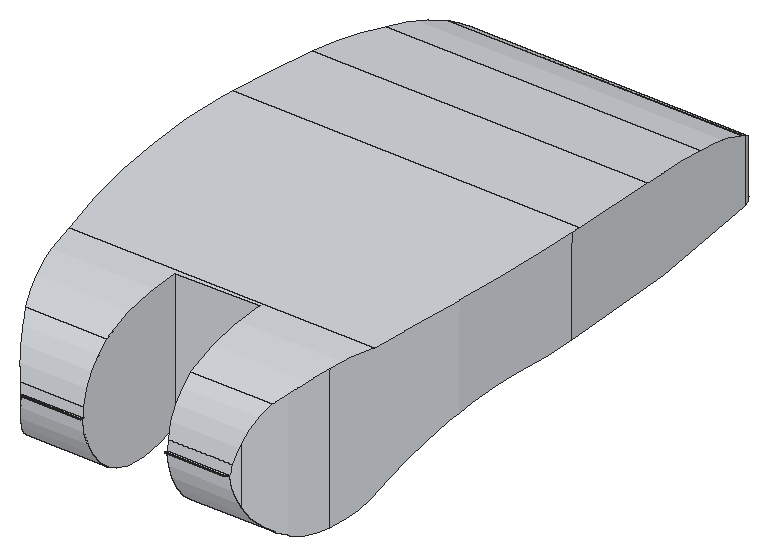
Revit family "Lighting-Stradale-GEWISS-STREET[O3]-ARMATURE-LED_OTTICA_ST1", category Apparecchi per illuminazione, Revit 2019
Family settings
  Quota connettore circolare = Usa diametro
  Tipo di parte = Normale
  Numero OmniClass = 23.80.70.14.21
  Titolo OmniClass = Street and Roadway Lighting
  Basato su piano di lavoro = No
  Sempre verticale = Sì
  Taglio con vuoti quando caricato = No
  Sorgente d'illuminazione = No
  Condiviso = No
  Punto di calcolo locali = No
Parameters (values of type "GW87411V - STREET LED 2M 4000K 700mA STR")
  Voltaggio = 230 V
  Visibility_label [instance] = yes
  Vetro = GEWISS - Led - lm 650 / Temp_3000_K
  Versione file RFA = "20.11"
  URL = "https://www.gewiss.com/it/it"
  Tipologia = "Programmabile (5 passi)"
  Tipo versione = ""
  Tipo alimentatore = ""
  Tensione: = "220/240 V - 50/60 Hz"
  Tensione = "220/240 V - 50/60 Hz - Stand alone e/o Programmabile 5 Step"
  Temperatura di utilizzo = "-25 +25 °C"
  Temperatura di funzionamento = ""
  Temperatura di colore: = "4000 K (CRI>70)"
  Temperatura di colore = ""
  Superficie massima esposta al vento = "0,26M2"
  Struttura = none
  Spostamento_Y_etichetta [instance] = 600 mm
  Spostamento_Y_effettivo_etichetta [instance] = 1500 mm - Spostamento_Y_etichetta  # 900 mm
  Spostamento_X_etichetta [instance] = 0 mm
  Spostamento_X_effettivo_etichetta [instance] = 1500 mm - Spostamento_X_etichetta  # 1500 mm
  Scheda Tecnica = "https://www.gewiss.com/it/it/search?q=GW87411V"
  SIMBOLO [instance] = yes
  SEO = "Stradale"
  Rischio fotobiologico: = "RG1/RG2 @ 20cm"
  Rischio fotobiologico = ""
  Resistenza agli urti = "IK08 CORPO - IK06 LENTI"
  Regolazione inclinazione = "±20° sbraccio - 0°÷20° testa palo"
  Produttore = "GEWISS S.p.A."
  Potenza di sistema = "68W"
  Peso (kg): = "9,09999999999999"
  Peso (kg) = ""
  Ottica = "ST1 - ULOR: 0%"
  Offset etichetta W [instance] = 75 mm
  Numero moduli = "2 (2x16 LED)"
  Numero di poli = 2
  N. moduli Chorus = ""
  Modello = "GW87411V"
  Materiale = ""
  Lumen output (lm) = "6760"
  Lampada: = "LED"
  Lampada = "LED"
  L_staffa = 120 mm
  LED LifeTime (L90B20) = "50000H"
  LED LifeTime (L80B20) = ""
  LED Life time (L80B10) = "100000H"
  Immagine tipo = GW87502.jpg
  IFC.TypeObject = ""
  IFC.ExportType = ""
  IFC.ExportAs = ""
  IDT = "a85e433dc89b4111a164f9b8ba35bb1e"
  IDF = "e0084f90-0bca-44b3-a72f-039b3bfef071"
  Grado di protezione = "IP66"
  Garanzia = "5 anni"
  FunzionalitÃ  alimentatore = ""
  Flusso nominale (lm) = "8050"
  ETICHETTA W [instance] = yes
  Distanza minima dall'oggetto illuminato = "1M"
  Descrizione = "STREET LED 2M 4000K 700mA STR"
  Creato da GEWISS S.p.A. = ""
  Corrente di pilotaggio LED = "700 mA"
  Commenti sul wattaggio = "68W"
  Colore = "Grafite/Alluminio"
  Codice Electrocod = "244C"
  Codice EAN = ""
  Classe isolamento = "II"
  Catalogo Serie = "STREET [O3]"
  Catalogo = "LIGHTING"
  Carico apparente = 68 VA
  COBie.Tagnumber = ""
  COBie.CreatedOn = ""
  COBie.CreatebBy = ""
  COBie.ComponentRegisterItemID = ""
  COBie.Component.TagNumber = ""
  COBie.Component.Space = ""
  COBie.Component.SerialNumber = ""
  COBie.Component.InstallationDate = ""
  COBie.Component.Description = ""
  COBie.Component.BarCode = ""
  BIDIMENSIONALE [instance] = not(SIMBOLO)  # no
  Applicazione = "Esterno"
  Altezza da terra testa staffa = 821.938 mm
Types (16, lengths in mm): name | Tipologia | Tipo alimentatore | Tensione | Temperatura di utilizzo | Temperatura di funzionamento | Temperatura di colore: | Temperatura di colore | Scheda Tecnica | Rischio fotobiologico | Potenza di sistema | Peso (kg): | Peso (kg) | Numero moduli | N. moduli Chorus | Modello | Materiale | Lumen output (lm) | LED LifeTime (L80B20) | IDT | FunzionalitÃ  alimentatore | Flusso nominale (lm) | Descrizione | Corrente di pilotaggio LED | Commenti sul wattaggio | Codice Electrocod | Codice EAN | Carico apparente
  (no name) | "Programmabile (5 passi)" | "Driver Led in corrente continua" | "220/240 V - 50/60 Hz - Stand alone e/o Programmabile 5 Step" | "-25 +25 °C" | "-25 +25 °C" | "4000 K (CRI>70)" | "4000 K (CRI 70)" | "https://www.gewiss.com/it/it/search?q=GW87411V" | "RG1/RG2 @ 20cm" | "68W" | "9,09999999999999" | "9,1" | "2 (2x16 LED)" | "2 (2x16 LED)" | "GW87411V" | "Pressofusione di alluminio" | "6760" | "50000H" | "a85e433dc89b4111a164f9b8ba35bb1e" | "Biregime" | "8050" | "STREET LED 2M 4000K 700mA STR" | "700 mA" | "37W" | "244C" | "8011564782914" | 37 VA
  GW87530 - STREET LED BIREG.1M 4000K 550mA STR | "" | "Driver Led in corrente continua" | "220/240 V - 50/60 Hz - Biregime con autoapprendimento" | "-25 +50 °C" | "-25 +25 °C" | "4000 K (CRI 70)" | "4000 K (CRI 70)" | "https://www.gewiss.com/it/it/search?q=GW87530" | "RG1/RG2 @ 20cm" | "31W" | "8,5" | "8,5" | "1 (1x16 LED)" | "1 (1x16 LED)" | "GW87530" | "Pressofusione di alluminio" | "3030" | "50000H" | "704c80bb-b6b1-4580-93a7-8014a14138ec" | "Biregime" | "3610" | "STREET LED ST1 BIREGIME 1M 4000K 550mA STRADALE" | "530mA" | "31W" | "244C" | "8011564804661" | 31 VA
  GW87531 - STREET LED BIREG.2M 4000K 550mA STR | "" | "Driver Led in corrente continua" | "220/240 V - 50/60 Hz - Biregime con autoapprendimento" | "-25 +50 °C" | "-25 +25 °C" | "4000 K (CRI 70)" | "4000 K (CRI 70)" | "https://www.gewiss.com/it/it/search?q=GW87531" | "RG1/RG2 @ 20cm" | "54W" | "9,1" | "9,1" | "2 (2x16 LED)" | "2 (2x16 LED)" | "GW87531" | "Pressofusione di alluminio" | "5890" | "50000H" | "9a11030a-5ab3-402b-8889-b9f4a14935c7" | "Biregime" | "7020" | "STREET LED ST1 BIREGIME 2M 4000K 550mA STRADALE" | "530mA" | "54W" | "244C" | "8011564782914" | 54 VA
  GW87532 - STREET LED BIREG.3M 4000K 550mA STR | "" | "Driver Led in corrente continua" | "220/240 V - 50/60 Hz - Biregime con autoapprendimento" | "-25 +50 °C" | "-25 +25 °C" | "4000 K (CRI 70)" | "4000 K (CRI 70)" | "https://www.gewiss.com/it/it/search?q=GW87532" | "RG1/RG2 @ 20cm" | "81W" | "9,7" | "9,7" | "3 (3x16 LED)" | "3 (3x16 LED)" | "GW87532" | "Pressofusione di alluminio" | "8590" | "50000H" | "278f9625-eee6-4d1e-a7bb-31f49519e349" | "Biregime" | "10230" | "STREET LED ST1 BIREGIME 3M 4000K 550mA STRADALE" | "530mA" | "81W" | "244C" | "8011564782921" | 81 VA
  GW87533 - STREET LED BIREG.4M 4000K 550mA STR | "" | "Driver Led in corrente continua" | "220/240 V - 50/60 Hz - Biregime con autoapprendimento" | "-25 +50 °C" | "-25 +25 °C" | "4000 K (CRI 70)" | "4000 K (CRI 70)" | "https://www.gewiss.com/it/it/search?q=GW87533" | "RG1/RG2 @ 20cm" | "105W" | "10,3" | "10,3" | "4 (4x16 LED)" | "4 (4x16 LED)" | "GW87533" | "Pressofusione di alluminio" | "11240" | "50000H" | "94c99bd3-8b41-4316-9f3a-5cd711bbe9f5" | "Biregime" | "13400" | "STREET LED ST1 BIREGIME 4M 4000K 550mA STRADALE" | "530mA" | "105W" | "244C" | "8011564782938" | 105 VA
  GW87534 - STREET LED BIREG.5M 4000K 550mA STR | "" | "Driver Led in corrente continua" | "220/240 V - 50/60 Hz - Biregime con autoapprendimento" | "-25 +40 °C" | "-25 +25 °C" | "4000 K (CRI 70)" | "4000 K (CRI 70)" | "https://www.gewiss.com/it/it/search?q=GW87534" | "RG1/RG2 @ 20cm" | "129W" | "10,9" | "10,9" | "5 (5x16 LED)" | "5 (5x16 LED)" | "GW87534" | "Pressofusione di alluminio" | "13870" | "50000H" | "176caa3e-8e54-4dcd-abaf-3690fde333e9" | "Biregime" | "16530" | "STREET LED ST1 BIREGIME 5M 4000K 550mA STRADALE" | "530mA" | "129W" | "244B" | "8011564782945" | 129 VA
  GW87410 - STREET LED 1M 4000K 700mA STR | "Stand alone" | "Driver Led in corrente continua" | "220/240 V - 50/60 Hz - Stand alone e/o dimmerabile 1-10 V" | "-25 +50 °C" | "-25 +25 °C" | "4000 K (CRI 70)" | "4000 K (CRI 70)" | "https://www.gewiss.com/it/it/search?q=GW87410" | "RG1/RG2 @ 20cm" | "37W" | "8,5" | "8,5" | "1 (1x16 LED)" | "1 (1x16 LED)" | "GW87410" | "Pressofusione di alluminio" | "3470" | "50000H" | "0eb2ba41-76d6-4256-843c-fa334829364b" | "" | "4140" | "STREET LED ST1 1M 4000K 700mA STRADALE" | "700 mA" | "37W" | "244C" | "8011564804654" | 37 VA
  GW87411 - STREET LED 2M 4000K 700mA STR | "Stand alone" | "Driver Led in corrente continua" | "220/240 V - 50/60 Hz - Stand alone e/o dimmerabile 1-10 V" | "-25 +35 °C" | "-25 +25 °C" | "4000 K (CRI 70)" | "4000 K (CRI 70)" | "https://www.gewiss.com/it/it/search?q=GW87411" | "RG1/RG2 @ 20cm" | "68W" | "9,1" | "9,1" | "2 (2x16 LED)" | "2 (2x16 LED)" | "GW87411" | "Pressofusione di alluminio" | "6760" | "50000H" | "0d20ab1e-f7dd-4fe1-9e01-046372c4d712" | "" | "8050" | "STREET LED ST1 2M 4000K 700mA STRADALE" | "700 mA" | "68W" | "244C" | "8011564804647" | 68 VA
  GW87412 - STREET LED 3M 4000K 700mA STR | "Stand alone" | "Driver Led in corrente continua" | "220/240 V - 50/60 Hz - Stand alone e/o dimmerabile 1-10 V" | "-25 +40 °C" | "-25 +25 °C" | "4000 K (CRI 70)" | "4000 K (CRI 70)" | "https://www.gewiss.com/it/it/search?q=GW87412" | "RG1/RG2 @ 20cm" | "99W" | "9,6" | "9,6" | "3 (3x16 LED)" | "3 (3x16 LED)" | "GW87412" | "Pressofusione di alluminio" | "9860" | "50000H" | "73ff2801-7b42-4ad3-a3e2-88e1cd993855" | "" | "11740" | "STREET LED ST1 3M 4000K 700mA STRADALE" | "700 mA" | "99W" | "244C" | "8011564804630" | 99 VA
  GW87413 - STREET LED 4M 4000K 700mA STR | "Stand alone" | "Driver Led in corrente continua" | "220/240 V - 50/60 Hz - Stand alone e/o dimmerabile 1-10 V" | "-25 +35 °C" | "-25 +25 °C" | "4000 K (CRI 70)" | "4000 K (CRI 70)" | "https://www.gewiss.com/it/it/search?q=GW87413" | "RG1/RG2 @ 20cm" | "131W" | "10,3" | "10,3" | "4 (4x16 LED)" | "4 (4x16 LED)" | "GW87413" | "Pressofusione di alluminio" | "12900" | "50000H" | "240ae926-2cb6-4c2c-8d22-a09bd239b26e" | "" | "15370" | "STREET LED ST1 4M 4000K 700mA STRADALE" | "700 mA" | "131W" | "244C" | "8011564830615" | 131 VA
  GW87414 - STREET ST1 5M 4000K 550mA 220/240 | "Stand alone" | "Driver Led in corrente continua" | "220/240 V - 50/60 Hz - Stand alone e/o dimmerabile 1-10 V" | "-25 +40 °C" | "-25 +25 °C" | "4000 K (CRI 70)" | "4000 K (CRI 70)" | "https://www.gewiss.com/it/it/search?q=GW87414" | "RG1/RG2 @ 20cm" | "127W" | "10,9" | "10,9" | "5 (5x16 LED)" | "5 (5x16 LED)" | "GW87414" | "Pressofusione di alluminio" | "13740" | "50000H" | "37fd025e-5d5a-4c23-a839-8a1c9a211543" | "" | "16360" | "STREET LED ST1 5M 4000K 550mA STRADALE" | "550 mA" | "127W" | "244C" | "8011564863125" | 127 VA
  GW87410V - STREET LED 1M 4000K 700mA STR | "Programmabile (5 passi)" | "" | "220/240 V - 50/60 Hz - Stand alone e/o Programmabile 5 Step" | "-25 +25 °C" | "" | "4000 K (CRI>70)" | "" | "https://www.gewiss.com/it/it/search?q=GW87410V" | "" | "37W" | "8,5" | "" | "1 (1x16 LED)" | "" | "GW87410V" | "" | "3470" | "" | "2378d62602804177b999c8f8baab7c78" | "" | "4140" | "STREET LED 1M 4000K 700mA STR" | "700 mA" | "37W" | "244C" | "" | 37 VA
  GW87411V - STREET LED 2M 4000K 700mA STR | "Programmabile (5 passi)" | "" | "220/240 V - 50/60 Hz - Stand alone e/o Programmabile 5 Step" | "-25 +25 °C" | "" | "4000 K (CRI>70)" | "" | "https://www.gewiss.com/it/it/search?q=GW87411V" | "" | "68W" | "9,09999999999999" | "" | "2 (2x16 LED)" | "" | "GW87411V" | "" | "6760" | "" | "a85e433dc89b4111a164f9b8ba35bb1e" | "" | "8050" | "STREET LED 2M 4000K 700mA STR" | "700 mA" | "68W" | "244C" | "" | 68 VA
  GW87412V - STREET LED 3M 4000K 700mA STR | "Programmabile (5 passi)" | "" | "220/240 V - 50/60 Hz - Stand alone e/o Programmabile 5 Step" | "-25 +25 °C" | "" | "4000 K (CRI>70)" | "" | "https://www.gewiss.com/it/it/search?q=GW87412V" | "" | "99W" | "9,59999999999999" | "" | "3 (3x16 LED)" | "" | "GW87412V" | "" | "9860" | "" | "115337da7f8f4d398b2e44fcb901f182" | "" | "11740" | "STREET LED 3M 4000K 700mA STR" | "700 mA" | "99W" | "244C" | "" | 99 VA
  GW87413V - STREET LED 4M 4000K 700mA STR | "Programmabile (5 passi)" | "" | "220/240 V - 50/60 Hz - Stand alone e/o Programmabile 5 Step" | "-25 +25 °C" | "" | "4000 K (CRI>70)" | "" | "https://www.gewiss.com/it/it/search?q=GW87413V" | "" | "131W" | "10,3" | "" | "4 (4x16 LED)" | "" | "GW87413V" | "" | "12900" | "" | "fcd9e29dd29e487688c755e1d68e04a9" | "" | "15370" | "STREET LED 4M 4000K 700mA STR" | "700 mA" | "131W" | "244C" | "" | 131 VA
  GW87414V - STREET ST1 5M 4000K 550mA 220/240 | "Programmabile (5 passi)" | "" | "220/240 V - 50/60 Hz - Stand alone e/o Programmabile 5 Step" | "-25 +25 °C" | "" | "4000 K (CRI>70)" | "" | "https://www.gewiss.com/it/it/search?q=GW87414V" | "" | "127W" | "10,9" | "" | "5 (5x16 LED)" | "" | "GW87414V" | "" | "13740" | "" | "3daa950108c94e159b9382b51b9fedeb" | "" | "16360" | "STREET ST1 5M 4000K 550mA 220/240" | "550 mA" | "127W" | "244C" | "" | 127 VA
Reference planes
  plane 1 "Centro (Fronte/Retro)": y = 0
  plane 2: z = 0
  plane 3 "Centro (Sinistra/Destra)": x = 0
  plane 4: z = -92
  plane 5: z = 169
  plane 6: z = 144
  plane 7: z = -3
  plane 8: y = 419.266
  plane 9: x = -1500
  plane 10: y = -319.205
  plane 11: y = 1180.795
  plane 12: x = 0
  plane 13: y = 580.795
Forms (mm)
  Extrusion 1, solid, material <- "Struttura"
    sketch origin (0, -69.915, 0) x (1, 0, 0) y (0, 1, 0)
      loop
        arc (-148.369, 708.85) -> (-161.088, 701.122) -> (-167.86, 687.87) r 27.287
        arc (-167.86, 687.87) -> (-190.309, 543.599) -> (-200.613, 397.956) r 1744.28
        arc (-200.613, 397.956) -> (-193.473, 245.187) -> (-163.443, 95.229) r 1014.191
        arc (-163.443, 95.229) -> (-148.364, 53.068) -> (-127.521, 13.439) r 318.465
        arc (-127.521, 13.439) -> (-121.67, 6.813) -> (-113.954, 2.501) r 26.295
        line (-113.954, 2.501) -> (-49.198, 2.501) -> (-49.198, 137.329) -> (47.802, 138.583) -> (47.802, 2.502) -> (113.955, 2.502)
        arc (113.955, 2.502) -> (121.67, 6.814) -> (127.521, 13.439) r 26.295
        arc (127.521, 13.439) -> (148.364, 53.068) -> (163.443, 95.229) r 318.465
        arc (163.443, 95.229) -> (193.473, 245.187) -> (200.613, 397.956) r 1014.191
        arc (200.613, 397.956) -> (190.309, 543.599) -> (167.86, 687.87) r 1744.28
        arc (167.86, 687.87) -> (160.933, 701.288) -> (147.93, 708.968) r 27.287
        arc (147.93, 708.968) -> (-0.228, 728.984) -> (-148.369, 708.85) r 556.679
    from -91.532 to 144
  Extrusion 2, void
    sketch origin (0, -72.415, -1095.365) x (0, 1, 0) y (0, 0, 1)
      loop
        line (688.634, 1095.364) -> (323.86, 1095.365)
        arc (323.86, 1095.365) -> (263.459, 1089.221) -> (205.531, 1071.043) r 299.999
        arc (205.531, 1071.043) -> (173.188, 1054.998) -> (142.802, 1035.498) r 328.156
        arc (142.802, 1035.498) -> (108.513, 1022.814) -> (71.972, 1021.648) r 113.881
        arc (71.972, 1021.648) -> (26.51, 1048.717) -> (8.217, 1098.365) r 79.247
        line (8.217, 1098.365) -> (5.002, 1098.365) -> (5.002, 1003.832) -> (731.484, 1003.832) -> (731.484, 1129.989)
        arc (731.484, 1129.989) -> (729.037, 1130.708) -> (726.583, 1131.409) r 350.56
        arc (726.583, 1131.409) -> (714.803, 1105.812) -> (688.634, 1095.364) r 38
    from -250.415 to 250
  Extrusion 3, void
    sketch origin (0, -72.415, -1094.912) x (0, 1, 0) y (0, 0, 1)
      loop
        line (683.93, 1169.668) -> (687.592, 1167.887)
        arc (687.592, 1167.887) -> (717.132, 1148.356) -> (740.002, 1121.318) r 124.886
        line (740.002, 1121.318) -> (740.002, 1263.912) -> (5.002, 1263.912) -> (5.002, 1098.863) -> (8.572, 1098.863)
        arc (8.572, 1098.863) -> (9.034, 1104.506) -> (9.836, 1110.111) r 93.455
        arc (9.836, 1110.111) -> (20.97, 1140.802) -> (41.983, 1165.79) r 93.455
        arc (41.983, 1165.79) -> (92.961, 1183.825) -> (146.686, 1189.963) r 239.488
        arc (146.686, 1189.963) -> (279.294, 1202.642) -> (412.472, 1205.668) r 1835.264
        arc (412.472, 1205.668) -> (465.948, 1204.556) -> (519.402, 1202.672) r 3708.846
        arc (519.402, 1202.672) -> (564.806, 1199.024) -> (609.805, 1191.96) r 603.307
        arc (609.805, 1191.96) -> (647.763, 1183.793) -> (683.93, 1169.668) r 242.275
    from -220.356 to 250
  Extrusion 4, void
    sketch origin (0, -72.415, 1095.365) x (0, -1, 0) y (1, 0, 0)
      loop
        arc (-616.943, -129.057) -> (-510.953, -137.961) -> (-405.191, -126.663) r 559.959
        arc (-405.191, -126.663) -> (-399.103, -123.067) -> (-396.665, -116.429) r 10.527
        line (-396.665, -116.429) -> (-396.665, 116.23)
        arc (-396.665, 116.23) -> (-399.043, 122.98) -> (-405.188, 126.649) r 10.526
        arc (-405.188, 126.649) -> (-510.973, 137.948) -> (-616.987, 129.035) r 559.959
        arc (-616.987, 129.035) -> (-623.275, 125.395) -> (-625.707, 118.549) r 10.526
        line (-625.707, 118.549) -> (-625.707, -0.007) -> (-625.707, -118.579)
        arc (-625.707, -118.579) -> (-623.256, -125.432) -> (-616.943, -129.057) r 10.527
    from -1098.365 to -1095.365
  Extrusion 5, solid, material "GEWISS - Led - lm 650 / Temp_3000_K" <- "Vetro"
    sketch origin (0, 0, 1095.365) x (0, -1, 0) y (1, 0, 0)
      loop
        arc (-616.943, -129.057) -> (-510.953, -137.961) -> (-405.191, -126.663) r 559.959
        arc (-405.191, -126.663) -> (-399.103, -123.067) -> (-396.665, -116.429) r 10.527
        line (-396.665, -116.429) -> (-396.665, 116.23)
        arc (-396.665, 116.23) -> (-399.043, 122.98) -> (-405.188, 126.649) r 10.526
        arc (-405.188, 126.649) -> (-510.973, 137.948) -> (-616.987, 129.035) r 559.959
        arc (-616.987, 129.035) -> (-623.275, 125.395) -> (-625.707, 118.549) r 10.526
        line (-625.707, 118.549) -> (-625.707, -0.007) -> (-625.707, -118.579)
        arc (-625.707, -118.579) -> (-623.256, -125.432) -> (-616.943, -129.057) r 10.527
    from -1098.365 to -1095.365
Cuts and joins
  Extrusion 2, Extrusion 3, Extrusion 4 cuts Extrusion 1
Lines and regions (mm)
  Masking region 1, visible <- "BIDIMENSIONALE"
    outline origin (0, -72.415, 0) x (1, 0, 0) y (0, 1, 0)
      loop
        arc (-163.443, 97.729) -> (-148.364, 55.568) -> (-127.521, 15.939) r 318.465
        arc (-127.521, 15.939) -> (-121.67, 9.313) -> (-113.954, 5.001) r 26.295
        line (-113.954, 5.001) -> (-49.198, 5.001) -> (-49.198, 139.829) -> (47.802, 139.829) -> (47.802, 5.002) -> (113.955, 5.002)
        arc (113.955, 5.002) -> (121.67, 9.314) -> (127.521, 15.939) r 26.295
        arc (127.521, 15.939) -> (148.364, 55.568) -> (163.443, 97.729) r 318.465
        arc (163.443, 97.729) -> (193.473, 247.687) -> (200.613, 400.456) r 1014.191
        arc (200.613, 400.456) -> (190.309, 546.099) -> (167.86, 690.37) r 1744.28
        arc (167.86, 690.37) -> (160.842, 703.703) -> (147.93, 711.468) r 27.998
        arc (147.93, 711.468) -> (-0.228, 731.484) -> (-148.369, 711.35) r 556.679
        arc (-148.369, 711.35) -> (-161.088, 703.622) -> (-167.86, 690.37) r 27.287
        arc (-167.86, 690.37) -> (-190.309, 546.099) -> (-200.613, 400.456) r 1744.28
        arc (-200.613, 400.456) -> (-193.473, 247.687) -> (-163.443, 97.729) r 1014.191
  Masking region 2
    outline origin (0, -72.545, -1094.686) x (0, 1, 0) y (0, 0, 1)
      loop
        arc (146.678, 1189.752) -> (92.968, 1183.62) -> (42.003, 1165.593) r 239.388
        arc (42.003, 1165.593) -> (17.129, 1133.1) -> (8.538, 1093.092) r 93.371
        arc (8.538, 1093.092) -> (28.285, 1046.725) -> (72.004, 1021.656) r 79.204
        arc (72.004, 1021.656) -> (108.532, 1022.824) -> (142.809, 1035.504) r 113.874
        arc (142.809, 1035.504) -> (173.192, 1055.002) -> (205.533, 1071.045) r 328.156
        arc (205.533, 1071.045) -> (263.46, 1089.224) -> (323.86, 1095.365) r 300
        line (323.86, 1095.365) -> (688.69, 1095.282)
        arc (688.69, 1095.282) -> (714.934, 1105.712) -> (726.783, 1131.346) r 38.09
        arc (726.783, 1131.346) -> (729.601, 1130.541) -> (732.412, 1129.712) r 350.561
        line (732.412, 1129.712) -> (732.412, 1132.115)
        arc (732.412, 1132.115) -> (711.661, 1152.795) -> (686.665, 1168.075) r 124.961
        arc (686.665, 1168.075) -> (649.207, 1183.125) -> (609.77, 1191.744) r 242.182
        arc (609.77, 1191.744) -> (564.763, 1198.81) -> (519.352, 1202.46) r 603.199
        arc (519.352, 1202.46) -> (465.907, 1204.343) -> (412.44, 1205.455) r 3708.739
        arc (412.44, 1205.455) -> (279.274, 1202.429) -> (146.678, 1189.752) r 1835.158
  Masking region 3
    outline origin (8.627, 0, -1134.912) x (1, 0, 0) y (0, 0, 1)
      loop
        line (192.476, 1238.912) -> (-209.73, 1238.912) -> (-209.73, 1128.94) -> (192.476, 1128.94) -> (192.476, 1238.912)
  Masking region 4
    outline origin (8.627, 0, -1134.912) x (1, 0, 0) y (0, 0, 1)
      loop
        line (40.177, 1054.764) -> (154.67, 1054.764)
        spline (154.67, 1054.764) -> (155.761, 1055.195) -> (156.835, 1055.768) -> (157.89, 1056.482) -> (158.925, 1057.336) -> (159.938, 1058.329) -> (160.929, 1059.461) -> (161.895, 1060.729) -> (162.837, 1062.133) -> (163.752, 1063.67) -> (164.64, 1065.338) -> (165.5, 1067.137) -> (166.33, 1069.062)
        spline (166.33, 1069.062) -> (167.462, 1072.523) -> (168.578, 1075.894) -> (169.677, 1079.177) -> (170.758, 1082.368) -> (171.821, 1085.469) -> (172.866, 1088.476) -> (173.892, 1091.39) -> (174.899, 1094.209) -> (175.887, 1096.933) -> (176.855, 1099.56) -> (177.804, 1102.09) -> (178.732, 1104.522)
        spline (178.732, 1104.522) -> (180.252, 1108.31) -> (181.691, 1111.791) -> (183.045, 1114.959) -> (184.314, 1117.812) -> (185.495, 1120.345) -> (186.588, 1122.556) -> (187.59, 1124.443) -> (188.502, 1126.002) -> (189.321, 1127.233) -> (190.048, 1128.133) -> (190.68, 1128.703) -> (191.218, 1128.94)
        line (191.218, 1128.94) -> (-208.472, 1128.94)
        spline (-208.472, 1128.94) -> (-207.934, 1128.703) -> (-207.302, 1128.133) -> (-206.576, 1127.233) -> (-205.756, 1126.002) -> (-204.845, 1124.443) -> (-203.842, 1122.556) -> (-202.749, 1120.345) -> (-201.568, 1117.812) -> (-200.299, 1114.959) -> (-198.945, 1111.791) -> (-197.507, 1108.31) -> (-195.986, 1104.522)
        spline (-195.986, 1104.522) -> (-195.058, 1102.09) -> (-194.11, 1099.56) -> (-193.141, 1096.933) -> (-192.154, 1094.209) -> (-191.146, 1091.39) -> (-190.12, 1088.476) -> (-189.075, 1085.469) -> (-188.012, 1082.368) -> (-186.931, 1079.177) -> (-185.833, 1075.894) -> (-184.717, 1072.523) -> (-183.584, 1069.062)
        spline (-183.584, 1069.062) -> (-182.754, 1067.137) -> (-181.894, 1065.338) -> (-181.006, 1063.67) -> (-180.091, 1062.133) -> (-179.149, 1060.729) -> (-178.183, 1059.461) -> (-177.192, 1058.329) -> (-176.179, 1057.336) -> (-175.144, 1056.482) -> (-174.09, 1055.768) -> (-173.016, 1055.195) -> (-171.924, 1054.764)
        line (-171.924, 1054.764) -> (-57.137, 1054.764)
        spline (-57.137, 1054.764) -> (-56.842, 1056.88) -> (-56.499, 1058.959) -> (-56.108, 1061.001) -> (-55.669, 1063.006) -> (-55.182, 1064.973) -> (-54.647, 1066.901) -> (-54.065, 1068.79) -> (-53.435, 1070.639) -> (-52.758, 1072.447) -> (-52.035, 1074.215) -> (-51.264, 1075.941) -> (-50.447, 1077.625)
        spline (-50.447, 1077.625) -> (-50.128, 1077.871) -> (-49.763, 1078.104) -> (-49.354, 1078.324) -> (-48.904, 1078.529) -> (-48.416, 1078.718) -> (-47.893, 1078.889) -> (-47.339, 1079.042) -> (-46.755, 1079.176) -> (-46.148, 1079.289) -> (-45.519, 1079.381) -> (-44.873, 1079.452) -> (-44.213, 1079.5)
        line (-44.213, 1079.5) -> (-40.396, 1079.969)
        spline (-40.396, 1079.969) -> (-34.763, 1080.142) -> (-29.125, 1080.276) -> (-23.483, 1080.372) -> (-17.839, 1080.43) -> (-12.194, 1080.449) -> (-6.548, 1080.429) -> (-0.904, 1080.371) -> (4.738, 1080.274) -> (10.375, 1080.138) -> (16.008, 1079.964) -> (21.635, 1079.751) -> (27.253, 1079.5)
        spline (27.253, 1079.5) -> (27.913, 1079.452) -> (28.559, 1079.381) -> (29.188, 1079.289) -> (29.795, 1079.176) -> (30.379, 1079.042) -> (30.933, 1078.889) -> (31.456, 1078.718) -> (31.944, 1078.529) -> (32.394, 1078.324) -> (32.803, 1078.104) -> (33.168, 1077.871) -> (33.487, 1077.625)
        spline (33.487, 1077.625) -> (34.304, 1075.941) -> (35.075, 1074.215) -> (35.798, 1072.447) -> (36.475, 1070.639) -> (37.105, 1068.79) -> (37.687, 1066.901) -> (38.222, 1064.973) -> (38.709, 1063.006) -> (39.148, 1061.001) -> (39.539, 1058.959) -> (39.882, 1056.88) -> (40.177, 1054.764)
  symbolic lines, style "InvisibleLines"
    curve 1: line (-0.698, -20, 1095.365) -> (-0.698, 15, 1095.365)
    curve 2: line (35.7, 0, 1095.365) -> (-29.3, 0, 1095.365)
Dimensions and locks
  locked: level to plane 4 at 92
  locked: level to plane 7 at 3
  plane 9 to plane 3 "Centro (Sinistra/Destra)" = 1500 mm
  plane 11 to plane 10 = 1500 mm
  "Spostamento_X_effettivo_etichetta": plane 9 to plane 12
  "Spostamento_Y_effettivo_etichetta": plane 13 to plane 10
  aligned and locked: level to plane 2
  aligned and locked: Extrusion 1 to Extrusion 2
  aligned and locked: plane 6 to Extrusion 1
  aligned and locked: Extrusion 5 to level
  aligned and locked: Extrusion 5 to plane 7
  aligned and locked: Extrusion 4 to plane 7
  aligned and locked: level to Extrusion 4
  aligned and locked: nested 1 to plane 3 "Centro (Sinistra/Destra)"
  aligned and locked: nested 1 to plane 1 "Centro (Fronte/Retro)"
  aligned and locked: nested 2 to plane 12
  aligned and locked: nested 2 to plane 13
Automatic sketch dimensions
  Extrusion 1 sketch curve to plane 9 = 42.945 mm
  plane 9 to Extrusion 1 sketch curve = 686.842 mm
  Extrusion 1 sketch curve to plane 3 "Centro (Sinistra/Destra)" = 143.219 mm
  Extrusion 1 sketch curve to plane 3 "Centro (Sinistra/Destra)" = 141.097 mm
  Extrusion 1 sketch curve to plane 3 "Centro (Sinistra/Destra)" = 113.954 mm
  Extrusion 1 sketch curve to Extrusion 1 sketch curve = 8.788 mm  (x2)
  Extrusion 1 sketch curve to plane 3 "Centro (Sinistra/Destra)" = 49.198 mm
  Extrusion 1 sketch curve to plane 3 "Centro (Sinistra/Destra)" = 0.007 mm
  plane 3 "Centro (Sinistra/Destra)" to Extrusion 1 sketch curve = 47.802 mm
  Extrusion 1 sketch curve to Extrusion 1 sketch curve = 57.365 mm
  plane 3 "Centro (Sinistra/Destra)" to Extrusion 1 sketch curve = 141.097 mm
  Extrusion 1 sketch curve to Extrusion 1 sketch curve = 95.417 mm
  Extrusion 1 sketch curve to Extrusion 1 sketch curve = 669.939 mm
  Extrusion 1 sketch curve to Extrusion 1 sketch curve = 729.787 mm
  Extrusion 1 sketch curve to plane 1 "Centro (Fronte/Retro)" = 111.213 mm  (x2)
  Extrusion 1 sketch curve to plane 1 "Centro (Fronte/Retro)" = 102.39 mm
  Extrusion 1 sketch curve to Extrusion 1 sketch curve = 33.723 mm
  Extrusion 1 sketch curve to Extrusion 1 sketch curve = 34.976 mm
  plane 1 "Centro (Fronte/Retro)" to Extrusion 1 sketch curve = 42.631 mm  (x2)
  Extrusion 1 sketch curve to Extrusion 1 sketch curve = 24.783 mm  (x2)
  plane 8 to Extrusion 1 sketch curve = 193.368 mm  (x2)
  Extrusion 1 sketch curve to Extrusion 1 sketch curve = 0 mm  (x7)
  Extrusion 1 sketch curve to Extrusion 1 sketch curve = 6.833 mm
  plane 4 to Extrusion 2 sketch curve = 0.468 mm
  plane 1 "Centro (Fronte/Retro)" to Extrusion 2 sketch curve = 67.414 mm
  Extrusion 2 sketch curve to Extrusion 2 sketch curve = 3.216 mm
  Extrusion 2 sketch curve to plane 1 "Centro (Fronte/Retro)" = 14.245 mm
  level to Extrusion 2 sketch curve = 4.003 mm
  Extrusion 2 sketch curve to plane 1 "Centro (Fronte/Retro)" = 15.042 mm
  plane 8 to Extrusion 2 sketch curve = 139.82 mm
  Extrusion 2 sketch curve to level = 0 mm
  plane 8 to Extrusion 2 sketch curve = 196.952 mm
  Extrusion 2 sketch curve to Extrusion 2 sketch curve = 0 mm  (x3)
  Extrusion 2 sketch curve to Extrusion 2 sketch curve = 42.851 mm
  Extrusion 2 sketch curve to plane 4 = 207.999 mm
  Extrusion 2 sketch curve to plane 4 = 209.374 mm
  Extrusion 2 sketch curve to Extrusion 2 sketch curve = 25.874 mm
  level to Extrusion 2 sketch curve = 3 mm
  level to Extrusion 2 sketch curve = 34.625 mm
  level to Extrusion 2 sketch curve = 38 mm
  Extrusion 2 sketch curve to Extrusion 2 sketch curve = 35.21 mm
  plane 1 "Centro (Fronte/Retro)" to Extrusion 2 sketch curve = 0.443 mm
  plane 4 to Extrusion 2 sketch curve = 32.133 mm
  level to Extrusion 2 sketch curve = 0 mm
  Extrusion 3 sketch curve to Extrusion 3 sketch curve = 0 mm  (x4)
  Extrusion 3 sketch curve to plane 5 = 0 mm
  plane 1 "Centro (Fronte/Retro)" to Extrusion 3 sketch curve = 67.414 mm
  Extrusion 3 sketch curve to Extrusion 3 sketch curve = 3.571 mm
  Extrusion 3 sketch curve to level = 0.838 mm
  Extrusion 3 sketch curve to plane 1 "Centro (Fronte/Retro)" = 29.489 mm
  Extrusion 3 sketch curve to plane 1 "Centro (Fronte/Retro)" = 74.419 mm
  plane 8 to Extrusion 3 sketch curve = 2.133 mm
  Extrusion 3 sketch curve to plane 4 = 51.129 mm
  plane 8 to Extrusion 3 sketch curve = 86.306 mm
  Extrusion 3 sketch curve to plane 7 = 36.913 mm
  Extrusion 3 sketch curve to Extrusion 3 sketch curve = 56.191 mm
  Extrusion 3 sketch curve to plane 6 = 69.245 mm
  Extrusion 3 sketch curve to Extrusion 3 sketch curve = 49.751 mm
  Extrusion 3 sketch curve to plane 6 = 71.025 mm
  Extrusion 3 sketch curve to Extrusion 3 sketch curve = 3.662 mm
  Extrusion 3 sketch curve to Extrusion 3 sketch curve = 52.41 mm
  Extrusion 3 sketch curve to plane 4 = 52.437 mm
  Extrusion 3 sketch curve to Extrusion 3 sketch curve = 351.876 mm
  Extrusion 3 sketch curve to Extrusion 3 sketch curve = 1229.335 mm
  Extrusion 3 sketch curve to Extrusion 3 sketch curve = 1873.409 mm
  level to Extrusion 3 sketch curve = 3.951 mm
  Extrusion 3 sketch curve to Extrusion 3 sketch curve = 1.263 mm
  plane 1 "Centro (Fronte/Retro)" to Extrusion 3 sketch curve = 30.433 mm
  Extrusion 3 sketch curve to plane 6 = 48.949 mm
  plane 8 to Extrusion 4 sketch curve = 134.026 mm
  Extrusion 4 sketch curve to Extrusion 4 sketch curve = 10.525 mm
  Extrusion 4 sketch curve to Extrusion 4 sketch curve = 10.526 mm  (x3)
  plane 8 to Extrusion 4 sketch curve = 25.6 mm  (x2)
  Extrusion 4 sketch curve to plane 3 "Centro (Sinistra/Destra)" = 421.976 mm
  Extrusion 4 sketch curve to plane 3 "Centro (Sinistra/Destra)" = 118.679 mm
  Extrusion 4 sketch curve to Extrusion 4 sketch curve = 0.1 mm
  Extrusion 4 sketch curve to plane 3 "Centro (Sinistra/Destra)" = 116.429 mm
  Extrusion 4 sketch curve to Extrusion 4 sketch curve = 0.101 mm
  Extrusion 4 sketch curve to plane 3 "Centro (Sinistra/Destra)" = 0.007 mm
  plane 3 "Centro (Sinistra/Destra)" to Extrusion 4 sketch curve = 116.23 mm
  Extrusion 4 sketch curve to Extrusion 4 sketch curve = 0.086 mm
  plane 3 "Centro (Sinistra/Destra)" to Extrusion 4 sketch curve = 118.549 mm
  Extrusion 4 sketch curve to Extrusion 4 sketch curve = 0.116 mm
  Extrusion 4 sketch curve to Extrusion 4 sketch curve = 303.297 mm
  Extrusion 4 sketch curve to Extrusion 4 sketch curve = 1.805 mm
  Extrusion 4 sketch curve to Extrusion 4 sketch curve = 1.762 mm
  plane 8 to Extrusion 5 sketch curve = 206.441 mm
  Extrusion 5 sketch curve to Extrusion 5 sketch curve = 10.525 mm
  Extrusion 5 sketch curve to Extrusion 5 sketch curve = 10.526 mm  (x2)
  plane 8 to Extrusion 5 sketch curve = 98.015 mm  (x2)
  Extrusion 5 sketch curve to plane 8 = 12.075 mm
  Extrusion 5 sketch curve to plane 8 = 12.076 mm
  Extrusion 5 sketch curve to plane 3 "Centro (Sinistra/Destra)" = 421.976 mm
  Extrusion 5 sketch curve to plane 3 "Centro (Sinistra/Destra)" = 118.679 mm
  Extrusion 5 sketch curve to Extrusion 5 sketch curve = 0.1 mm
  Extrusion 5 sketch curve to plane 3 "Centro (Sinistra/Destra)" = 116.429 mm
  Extrusion 5 sketch curve to Extrusion 5 sketch curve = 0.101 mm
  Extrusion 5 sketch curve to plane 3 "Centro (Sinistra/Destra)" = 0.007 mm
  plane 3 "Centro (Sinistra/Destra)" to Extrusion 5 sketch curve = 116.23 mm
  Extrusion 5 sketch curve to Extrusion 5 sketch curve = 0.086 mm
  plane 3 "Centro (Sinistra/Destra)" to Extrusion 5 sketch curve = 118.549 mm
  Extrusion 5 sketch curve to Extrusion 5 sketch curve = 0.116 mm
  Extrusion 5 sketch curve to Extrusion 5 sketch curve = 303.297 mm
  Extrusion 5 sketch curve to Extrusion 5 sketch curve = 1.805 mm
  Extrusion 5 sketch curve to Extrusion 5 sketch curve = 1.762 mm
  plane 1 "Centro (Fronte/Retro)" to curve 2 = 0 mm
  curve 2 to plane 3 "Centro (Sinistra/Destra)" = 29.3 mm
  curve 1 to plane 3 "Centro (Sinistra/Destra)" = 0.698 mm
  curve 1 to plane 1 "Centro (Fronte/Retro)" = 15 mm
  plane 1 "Centro (Fronte/Retro)" to curve 1 = 20 mm
  plane 3 "Centro (Sinistra/Destra)" to curve 2 = 35.7 mm
  Masking region 1 sketch curve to plane 9 = 42.945 mm
  plane 9 to Masking region 1 sketch curve = 686.842 mm
  Masking region 1 sketch curve to plane 3 "Centro (Sinistra/Destra)" = 143.219 mm
  Masking region 1 sketch curve to plane 3 "Centro (Sinistra/Destra)" = 141.097 mm
  Masking region 1 sketch curve to plane 3 "Centro (Sinistra/Destra)" = 113.954 mm
  Masking region 1 sketch curve to Masking region 1 sketch curve = 8.788 mm  (x2)
  Masking region 1 sketch curve to plane 3 "Centro (Sinistra/Destra)" = 49.198 mm
  Masking region 1 sketch curve to plane 3 "Centro (Sinistra/Destra)" = 0.007 mm
  plane 3 "Centro (Sinistra/Destra)" to Masking region 1 sketch curve = 47.802 mm
  Masking region 1 sketch curve to Masking region 1 sketch curve = 57.365 mm
  plane 3 "Centro (Sinistra/Destra)" to Masking region 1 sketch curve = 140.49 mm
  Masking region 1 sketch curve to Masking region 1 sketch curve = 95.417 mm
  Masking region 1 sketch curve to Masking region 1 sketch curve = 669.939 mm
  Masking region 1 sketch curve to Masking region 1 sketch curve = 729.787 mm
  Masking region 1 sketch curve to plane 1 "Centro (Fronte/Retro)" = 111.213 mm  (x2)
  Masking region 1 sketch curve to plane 1 "Centro (Fronte/Retro)" = 102.39 mm
  Masking region 1 sketch curve to Masking region 1 sketch curve = 34.976 mm
  plane 1 "Centro (Fronte/Retro)" to Masking region 1 sketch curve = 42.631 mm  (x2)
  Masking region 1 sketch curve to Masking region 1 sketch curve = 24.783 mm  (x2)
  plane 8 to Masking region 1 sketch curve = 192.794 mm
  plane 8 to Masking region 1 sketch curve = 193.368 mm
  Masking region 1 sketch curve to Masking region 1 sketch curve = 0 mm  (x7)
  Masking region 1 sketch curve to Masking region 1 sketch curve = 27.371 mm
  Masking region 2 sketch curve to plane 1 "Centro (Fronte/Retro)" = 14.129 mm
  level to Masking region 2 sketch curve = 4.643 mm
  Masking region 2 sketch curve to plane 1 "Centro (Fronte/Retro)" = 14.951 mm
  Masking region 2 sketch curve to level = 0.715 mm
  Masking region 2 sketch curve to Masking region 2 sketch curve = 14.409 mm
  Masking region 2 sketch curve to plane 1 "Centro (Fronte/Retro)" = 74.257 mm
  plane 8 to Masking region 2 sketch curve = 1.96 mm
  plane 8 to Masking region 2 sketch curve = 86.148 mm
  plane 8 to Masking region 2 sketch curve = 140.066 mm
  Masking region 2 sketch curve to plane 7 = 37.134 mm
  Masking region 2 sketch curve to Masking region 2 sketch curve = 56.477 mm
  level to Masking region 2 sketch curve = 0.596 mm
  Masking region 2 sketch curve to Masking region 2 sketch curve = 54.254 mm
  Masking region 2 sketch curve to Masking region 2 sketch curve = 0.057 mm
  Masking region 2 sketch curve to Masking region 2 sketch curve = 43.665 mm
  Masking region 2 sketch curve to plane 4 = 51.025 mm
  Masking region 2 sketch curve to plane 4 = 52.322 mm
  Masking region 2 sketch curve to plane 4 = 207.319 mm
  Masking region 2 sketch curve to Masking region 2 sketch curve = 157.784 mm
  Masking region 2 sketch curve to Masking region 2 sketch curve = 25.873 mm
  Masking region 2 sketch curve to Masking region 2 sketch curve = 169.691 mm
  Masking region 2 sketch curve to Masking region 2 sketch curve = 1229.338 mm
  Masking region 2 sketch curve to Masking region 2 sketch curve = 1873.408 mm
  level to Masking region 2 sketch curve = 35.026 mm
  Masking region 2 sketch curve to Masking region 2 sketch curve = 2.403 mm
  Masking region 2 sketch curve to Masking region 2 sketch curve = 38.09 mm
  Masking region 2 sketch curve to Masking region 2 sketch curve = 35.251 mm
  plane 1 "Centro (Fronte/Retro)" to Masking region 2 sketch curve = 0.541 mm
  plane 1 "Centro (Fronte/Retro)" to Masking region 2 sketch curve = 30.542 mm
  plane 7 to Masking region 2 sketch curve = 1.406 mm
  plane 1 "Centro (Fronte/Retro)" to Masking region 2 sketch curve = 64.007 mm
  plane 4 to Masking region 2 sketch curve = 32.818 mm
  Masking region 2 sketch curve to plane 6 = 48.934 mm
  Masking region 2 sketch curve to plane 7 = 20.641 mm
  level to Masking region 2 sketch curve = 0.679 mm
  Masking region 2 sketch curve to Masking region 2 sketch curve = 0.001 mm
  Masking region 2 sketch curve to Masking region 2 sketch curve = 0 mm  (x2)
  Masking region 2 sketch curve to Masking region 2 sketch curve = 90.417 mm
  Masking region 3 sketch curve to plane 6 = 40 mm
  Masking region 3 sketch curve to plane 3 "Centro (Sinistra/Destra)" = 201.103 mm
  Masking region 3 sketch curve to plane 7 = 2.973 mm
  plane 3 "Centro (Sinistra/Destra)" to Masking region 3 sketch curve = 201.103 mm
  Masking region 4 sketch curve to plane 7 = 2.973 mm
  Masking region 4 sketch curve to plane 3 "Centro (Sinistra/Destra)" = 199.845 mm
  plane 4 to Masking region 4 sketch curve = 11.852 mm  (x2)
  Masking region 4 sketch curve to Masking region 4 sketch curve = 36.548 mm  (x2)
  Masking region 4 sketch curve to plane 3 "Centro (Sinistra/Destra)" = 48.51 mm
  Masking region 4 sketch curve to Masking region 4 sketch curve = 12.924 mm
  Masking region 4 sketch curve to Masking region 4 sketch curve = 3.818 mm
  plane 3 "Centro (Sinistra/Destra)" to Masking region 4 sketch curve = 48.804 mm
  Masking region 4 sketch curve to Masking region 4 sketch curve = 114.493 mm
  Masking region 4 sketch curve to Masking region 4 sketch curve = 24.736 mm
  Masking region 4 sketch curve to Masking region 4 sketch curve = 0.468 mm
  Masking region 4 sketch curve to Masking region 4 sketch curve = 0.272 mm  (x2)
  Masking region 4 sketch curve to plane 7 = 0.024 mm  (x2)
  Masking region 4 sketch curve to Masking region 4 sketch curve = 2.543 mm  (x2)
  Masking region 4 sketch curve to Masking region 4 sketch curve = 12.486 mm  (x2)
  Masking region 4 sketch curve to Masking region 4 sketch curve = 11.66 mm  (x2)
  Masking region 4 sketch curve to Masking region 4 sketch curve = 1.947 mm  (x2)
  level to Masking region 4 sketch curve = 37.53 mm  (x2)
  Masking region 4 sketch curve to Masking region 4 sketch curve = 50.039 mm  (x2)
  Masking region 4 sketch curve to plane 3 "Centro (Sinistra/Destra)" = 125.485 mm
  Masking region 4 sketch curve to Masking region 4 sketch curve = 6.582 mm  (x2)
  Masking region 4 sketch curve to Masking region 4 sketch curve = 10.998 mm
  Masking region 4 sketch curve to Masking region 4 sketch curve = 7.102 mm
  Masking region 4 sketch curve to Masking region 4 sketch curve = 0.868 mm  (x2)
  Masking region 4 sketch curve to Masking region 4 sketch curve = 1.444 mm  (x2)
  Masking region 4 sketch curve to Masking region 4 sketch curve = 1.363 mm
  Masking region 4 sketch curve to plane 3 "Centro (Sinistra/Destra)" = 3.617 mm
  plane 3 "Centro (Sinistra/Destra)" to Masking region 4 sketch curve = 30.7 mm
  Masking region 4 sketch curve to Masking region 4 sketch curve = 3.736 mm
  Masking region 4 sketch curve to Masking region 4 sketch curve = 6.234 mm
  plane 3 "Centro (Sinistra/Destra)" to Masking region 4 sketch curve = 108.199 mm
  Masking region 4 sketch curve to Masking region 4 sketch curve = 10.704 mm
  Masking region 4 sketch curve to Masking region 4 sketch curve = 199.178 mm
  Masking region 4 sketch curve to Masking region 4 sketch curve = 92.57 mm  (x2)
  Masking region 4 sketch curve to Masking region 4 sketch curve = 31.929 mm
  Extrusion 1 sketch curve to plane 8 = 141.394 mm  (x2)
  Extrusion 1 sketch curve to plane 1 "Centro (Fronte/Retro)" = 298.871 mm  (x2)
  Extrusion 1 sketch curve to plane 8 = 91.226 mm
  Extrusion 2 sketch curve to plane 8 = 167.822 mm
  Extrusion 2 sketch curve to Extrusion 2 sketch curve = 11.106 mm
  Extrusion 2 sketch curve to Extrusion 2 sketch curve = 118.329 mm
  Extrusion 3 sketch curve to plane 1 "Centro (Fronte/Retro)" = 289.683 mm
  Extrusion 3 sketch curve to plane 1 "Centro (Fronte/Retro)" = 315.13 mm
  Extrusion 4 sketch curve to Extrusion 4 sketch curve = 207.99 mm
  Masking region 1 sketch curve to plane 8 = 141.394 mm  (x2)
  Masking region 1 sketch curve to plane 1 "Centro (Fronte/Retro)" = 298.871 mm  (x2)
  Masking region 1 sketch curve to Masking region 1 sketch curve = 57.394 mm
  Masking region 2 sketch curve to plane 8 = 167.951 mm
  Masking region 2 sketch curve to Masking region 2 sketch curve = 11.108 mm
  Masking region 2 sketch curve to plane 1 "Centro (Fronte/Retro)" = 289.523 mm
  Masking region 2 sketch curve to plane 1 "Centro (Fronte/Retro)" = 314.97 mm
  Masking region 2 sketch curve to Masking region 2 sketch curve = 118.327 mm
Nested families
  nested 1: "STRADALELED" at (-143.59, 271.738, 0) x (0, -1, 0) z (0, 0, 1), visible <- "SIMBOLO", type "STRADALELED"
  nested 2: "ETICHETTA LIGHT" at (0, 580.795, 0), visible <- "Visibility_label", type "ETICHETTA LIGHT"
Connectors
  electrical at (-0.03, 523.862, 0), driven by "Carico apparente"
    settings: on Extrusion 5, index 1, voltage 230 V, apparent load 0 VA, apparent load phase1 68 VA, apparent load phase2 0 VA, apparent load phase3 0 VA, power factor 1, load classification "Altro", number of poles 2, system type 31, power factor state 1, is connector primary yes, connector utility no, sub classification motor no, connector description ""
Definition of nested family "STRADALELED"
  Reference planes
    plane 1 "Centro (Fronte/Retro)": y = 0
    plane 2: z = 0
    plane 3 "Centro (Sinistra/Destra)": x = 0
  Lines and regions (mm)
    detail lines, in view "Livello rif."
      curve 1: line (112.763, 97.281, 0) -> (20.304, 143.313, 0)
      curve 2: line (20.304, 143.313, 0) -> (112.763, 189.899, 0)
      curve 3: line (112.763, 189.899, 0) -> (112.763, 97.281, 0)
      curve 4: line (20.304, 189.622, 0) -> (20.304, 97.004, 0)
      curve 5: line (20.304, 143.313, 0) -> (-33.761, 143.313, 0)
      curve 6: line (112.763, 143.59, 0) -> (152.686, 143.59, 0)
      curve 7: line (271.738, 0.198, 0) -> (20.304, 0.198, 0)
      curve 8: line (20.304, 0.198, 0) -> (-235.046, 32.396, 0)
      curve 9: line (-235.046, 32.396, 0) -> (-235.046, 143.313, 0)
      curve 10: line (-235.046, 143.313, 0) -> (-235.046, 254.23, 0)
      curve 11: line (-235.046, 254.23, 0) -> (20.304, 285.913, 0)
      curve 12: line (20.304, 285.913, 0) -> (271.738, 285.913, 0)
      curve 13: line (271.738, 285.913, 0) -> (271.738, 0.198, 0)
      curve 14: line (-47.375, 249.631, 0) -> (165.26, 249.631, 0)
      curve 15: line (165.26, 249.631, 0) -> (165.26, 36.995, 0)
      curve 16: line (165.26, 36.995, 0) -> (-47.375, 36.995, 0)
      curve 17: line (-47.375, 36.995, 0) -> (-47.375, 249.631, 0)
Definition of nested family "ETICHETTA LIGHT"
  Parameters (values of type "ETICHETTA LIGHT")
    COMMENTI = ""
  Reference planes
    plane 1: y = 0
    plane 2: x = 0
  Text (mm)
    label "COMMENTI" at (-0.057, 0.105, 0), shows "COMMENTI"
